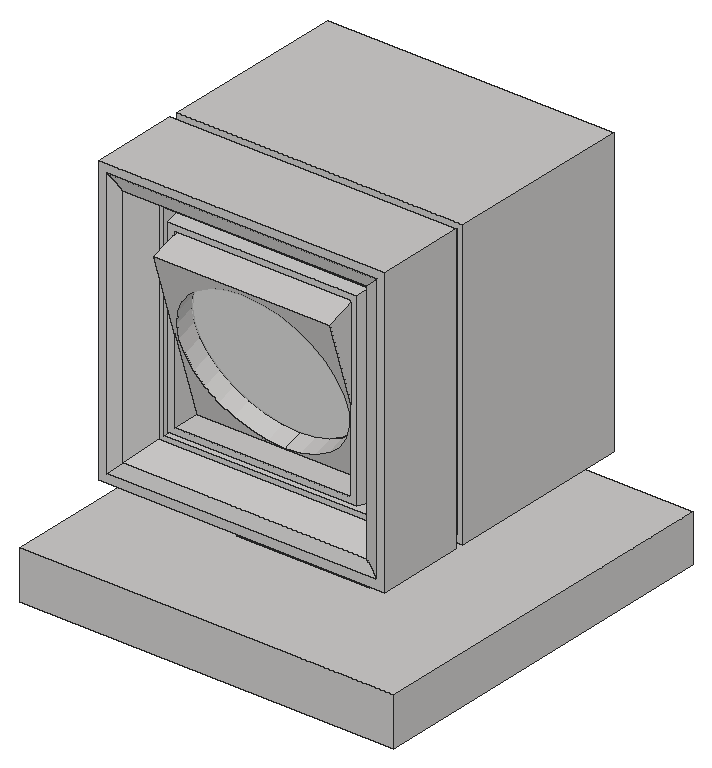
Revit family "Lighting-Luminii-Leto_44_WM_A_SML new", category Lighting Fixtures, host Face, Revit 2020
Family settings
  Host = Face
  Round Connector Dimension = Use Diameter
  Part Type = Normal
  OmniClass Number = 23.80.70.11.14.11
  OmniClass Title = Downlights
  Cut with Voids When Loaded = No
  Light Source = Yes
  Shared = Yes
  Room Calculation Point = No
Parameters (values of type "Leto 44 WM A SML")
  Width = 0' - 5 1/8"  # constant formula
  Wattage Comments = "6.5W"
  Wattage = 6.49954 W
  Warranty URL = "https://www.luminii.com/terms-conditions/"
  built-in parameter 1150110 = 1 (stored number, unit not read)
  Voltage Comments = "120V | 277V | 347V"  # constant formula
  Voltage = 120 V
  Version = "2020 - v1.0a"  # constant formula
  URL = "https://www.luminii.com/"
  built-in parameter 1114217 = 1 (stored number, unit not read)
  Tilt Angle = 0.00°  # constant formula
  built-in parameter 1150109 = 1 (stored number, unit not read)
  built-in parameter 1150134 = (empty or 0)
  built-in parameter 1150113 = 1 (stored number, unit not read)
  Support Phone = "224-699-9545"  # constant formula
  Support Email = "mailto:support@bimsmith.com"
  Product Page URL = "https://www.luminii.com/product/leto-44-wm-a-sml/"
  Power Source Type = "Driver"  # constant formula
  Power Factor = 1
  Photometric Web File = "713A-A90-618-35-10-DL.ies"
  Phase = 1
  Operating Temperature = "Consult Manufacturer Website for more Information"  # constant formula
  Number of Poles = if(and(or(Voltage = 120 V, Voltage = 277 V), Phase = 1), 1, if(and(or(Voltage = 208 V, Voltage = 240 V), Phase = 1), 2, if(and(or(Voltage = 208 V, Voltage = 240 V), Phase = 3), 3, if(and(Voltage > 300 V, Phase = 1), 2, if(and(Voltage > 400 V, Phase = 3), 3, 1)))))  # 1
  Mounting Method = "Wall Mount"  # constant formula
  Model = "717A"  # constant formula
  Manufacturer Phone Number = "403-216-7043"  # constant formula
  Manufacturer Email = "mailto: info@sensolighting.com"
  Manufacturer Address = "302 50 Ave SE. Calgary, Alberta, T2G 2A9 Canada"  # constant formula
  Manufacturer = "Luminii"  # constant formula
  built-in parameter 1150105 = 55.704 (stored number, unit not read)
  Lumens = 700 lm
  Luminaire Type = "Asymmetrical Wall Mount LED Downlight"  # constant formula
  built-in parameter 1150115 = 1 (stored number, unit not read)
  Load Classification = Lighting
  built-in parameter 1150137 = (empty or 0)
  built-in parameter 1150139 = (empty or 0)
  Lens Material = Plastic - Luminii - Frosted Lens
  Length [instance] = 0' - 3 3/4"  # constant formula
  built-in parameter 1150112 = 1 (stored number, unit not read)
  built-in parameter 1150114 = 1 (stored number, unit not read)
  Lamp Life = 1
  Lamp = "LED"  # constant formula
  Keynote = "26 50 00"
  built-in parameter 1150132 = 2
  built-in parameter 1150102 = (empty or 0)
  built-in parameter 1150107 = 3500 (stored number, unit not read)
  Initial Color Comments = "Perfomance based on 3500K Photometric Web File"  # constant formula
  built-in parameter 1150138 = (empty or 0)
  built-in parameter 1150106 = 0.55704 (stored number, unit not read)
  Housing Protection Rating = "Consult Manufacturer Website for more Information"  # constant formula
  Has Dimming = 1 = 1  # yes
  Has Battery Backup = 0 = 1  # no
  Frequency Comments = ""  # constant formula
  Frequency = 60 Hz
  Finish = Metal - Luminii - Silver Anodized Aluminum
  Environment = "Indoor"  # constant formula
  built-in parameter 1150104 = 10.006 (stored number, unit not read)
  Dimming Type = "Consult Manufacturer Website for more Information"  # constant formula
  Dimming Lamp Color Temperature Shift = <None>
  Description = "Asymmetric Wall Mount LED Downlight"  # constant formula
  Depth = 0' - 3 3/4"  # constant formula
  Default Elevation = 0' - 0"  # constant formula
  Current Amps = 50 A
  Copyright = "©2024 Luminii"  # constant formula
  Control Zone = "Consult Manufacturer Website for more Information"  # constant formula
  Control Type = "Consult Manufacturer Website for more Information"  # constant formula
  Constraints = 1  # constant formula
  Color Filter = 16777215
  built-in parameter 1114216 [instance] = 0  # (empty or 0)
  built-in parameter 1140040 [instance] = 1 = 1  # 1
  CCT = "3500K"
  built-in parameter 1114218 = 1 (stored number, unit not read)
  built-in parameter 1150133 = 10 (stored number, unit not read)
  Assembly Code = "D5020200"
  Apparent Load = Wattage / Power Factor  # 6.49954 VA
Reference planes (in)
  plane 1 "Center (Front/Back)": y = 0
  plane 2: z = 0
  plane 3 "Center (Left/Right)": x = 0
  plane 4: x = 1.875
  plane 5: x = -1.875
  plane 6: y = 1.875
  plane 7: y = -1.875
  plane 8: z = 3.25
  plane 9: z = 5.125
Forms (in)
  Extrusion 1, solid, material "Metal - Luminii - Silver Anodized Aluminum", not visible
    sketch origin (0, 0, 0) x (1, 0, 0) y (0, 1, 0)
      loop
        circle (0, 0) r 0.5
    from 0 to -0.17225
Dimensions and locks (in)
  equal spacing: plane 5, plane 3 "Center (Left/Right)", plane 4
  equal spacing: plane 6, plane 1 "Center (Front/Back)", plane 7
  nested 1 to host face = 0' - 5.11512"
  "Width": host face to plane 9
  "Depth": plane 6 to plane 7
  "Length": plane 4 to plane 5
  aligned and locked: plane 2 to host face
  aligned and locked: plane 3 "Center (Left/Right)" to Extrusion 1 sketch curve
  aligned and locked: plane 1 "Center (Front/Back)" to Extrusion 1 sketch curve
  aligned and locked: plane 2 to Extrusion 1  (x2)
  aligned and locked: imposter light to plane 3 "Center (Left/Right)"
  aligned and locked: imposter light to plane 8
Automatic sketch dimensions
  host sketch curve to host sketch curve = 8' - 0"  (x2)
  radius of Extrusion 1 sketch curve = 0' - 0 1/2"
Nested families (in)
  nested 1: "Nested - Lamp" at (0, 0, 0), type "Nested - Lamp"
Connectors (in)
  electrical at (0, 0, 0), driven by "Number of Poles", driven by "Load Classification", driven by "Voltage", driven by "Apparent Load", driven by "Power Factor"
    settings: on Extrusion 1, index 1, voltage 120 V, apparent load 6.49954 VA, apparent load phase1 0 VA, apparent load phase2 0 VA, apparent load phase3 0 VA, power factor 1, load classification "Lighting", number of poles 1, system type 30, power factor state 1, is connector primary yes, connector utility no, sub classification motor no, connector description "Power Connection"
Definition of nested family "Nested - Lamp"
  Parameters (values of type "Nested - Lamp")
    Width = 0' - 5.57087"  # constant formula
    Screen Material = none
    Inner Screen = none
    Height = 0' - 6.49606"  # constant formula
    Finish = none
    Default Elevation = 4' - 0"
    Constraint = 3
  Reference planes (in)
    plane 1 "Center (Front/Back)": y = 0
    plane 2: z = 0
    plane 3 "Center (Left/Right)": x = 0
  Forms (in)
    Extrusion 1, solid
      sketch origin (0, 0, 0) x (1, 0, 0) y (0, 1, 0)
        loop
          line (-48, 48) -> (-48, -48) -> (48, -48) -> (48, 48) -> (-48, 48)
      from 0 to -12
    Sweep 2, solid, material <- "Finish", detail levels medium+fine
      path origin (-0.03362, -2.16535, 5.57575) x (0, 0, 1) y (-1, 0, 0)
        loop
          line (-0.46063, -1.9037) -> (-0.46063, 1.83645) -> (-4.20079, 1.83645) -> (-4.20079, -1.9037) -> (-0.46063, -1.9037)
      profile origin (1.87008, -2.16535, 3.24504) x (0, -1, 0) y (1, 0, 0)
        loop
          line (-4.03543, 0) -> (-4.03543, -0.07874) -> (-3.83858, -0.07874) -> (-3.83858, -0.21654) -> (-1.42927, -0.21654) -> (-1.42927, -0.72029) -> (-0.63386, -0.72029) -> (-0.63386, -0.63719) -> (-0.89567, -0.60039)
          arc (-0.89567, -0.60039) -> (-0.91935, -0.57657) -> (-0.90017, -0.54899) r 0.02623
          line (-0.90017, -0.54899) -> (-0.68898, -0.53051) -> (-0.68898, -0.47327) -> (-0.34652, -0.27656) -> (-0.29528, -0.10635) -> (-0.29528, 0) -> (-1.45669, 0) -> (-1.45669, -0.07874) -> (-1.5748, -0.07874) -> (-1.5748, 0) -> (-4.03543, 0)
    Extrusion 3, solid, material <- "Screen Material"
      sketch origin (0, -2.20112, 4.05981) x (1, 0, 0) y (0, -0.309017, 0.951057)
        loop
          circle (0, -1.08071) r 1.10236
      from -0.63122 to -0.62137
    Extrusion 4, solid, material <- "Finish"
      sketch origin (1.59205, -1.84938, 5.84808) x (0, 0.309017, -0.951057) y (1, 0, 0)
        loop
          line (3.82255, -0.44226) -> (1.52297, -0.44226) -> (1.52297, -2.74184) -> (3.82255, -2.74184) -> (3.82255, -0.44226)
        loop
          circle (2.67276, -1.59205) r 1.10236
      from -0.12232 to 0.51772
    Extrusion 5, solid, material <- "Finish"
      sketch origin (1.59205, -3.29031, 5.3799) x (0, 0.309017, -0.951057) y (1, 0, 0)
        loop
          circle (2.67276, -1.59205) r 1.10236
      from -1.25917 to -1.79277
    Extrusion 6, solid, material <- "Finish", detail levels medium+fine
      sketch origin (-0.03362, -4.01036, 5.1127) x (0, 0, 1) y (-1, 0, 0)
        loop
          line (-0.07632, -1.82496) -> (-0.07632, 1.75771) -> (-3.659, 1.75771) -> (-3.659, -1.82496) -> (-0.07632, -1.82496)
        loop
          line (-1.27711, -0.30922) -> (-0.68656, -0.30922)
          arc (-0.68656, -0.30922) -> (-0.41097, -0.03362) -> (-0.68656, 0.24197) r 0.27559
          line (-0.68656, 0.24197) -> (-1.27711, 0.24197)
          arc (-1.27711, 0.24197) -> (-1.49982, 0.33422) -> (-1.59207, 0.55693) r 0.31496
          line (-1.59207, 0.55693) -> (-1.59207, 1.14748)
          arc (-1.59207, 1.14748) -> (-1.86766, 1.42307) -> (-2.14325, 1.14748) r 0.27559
          line (-2.14325, 1.14748) -> (-2.14325, 0.55693)
          arc (-2.14325, 0.55693) -> (-2.2355, 0.33422) -> (-2.45821, 0.24197) r 0.31496
          line (-2.45821, 0.24197) -> (-3.04876, 0.24197)
          arc (-3.04876, 0.24197) -> (-3.32435, -0.03362) -> (-3.04876, -0.30922) r 0.27559
          line (-3.04876, -0.30922) -> (-2.45821, -0.30922)
          arc (-2.45821, -0.30922) -> (-2.2355, -0.40147) -> (-2.14325, -0.62418) r 0.31496
          line (-2.14325, -0.62418) -> (-2.14325, -1.21473)
          arc (-2.14325, -1.21473) -> (-1.86766, -1.49032) -> (-1.59207, -1.21473) r 0.27559
          line (-1.59207, -1.21473) -> (-1.59207, -0.62418)
          arc (-1.59207, -0.62418) -> (-1.49982, -0.40147) -> (-1.27711, -0.30922) r 0.31496
      from -5.75828 to -5.68358
    Extrusion 7, solid, material <- "Finish", detail levels medium+fine
      sketch origin (-0.03362, -3.90362, 5.1127) x (0, 0, 1) y (-1, 0, 0)
        loop
          line (-0.07632, -1.82496) -> (-0.07632, 1.75771) -> (-3.659, 1.75771) -> (-3.659, -1.82496) -> (-0.07632, -1.82496)
        loop
          circle (-1.86766, -0.03362) r 0.87104
        loop
          circle (-1.86766, -0.03362) r 0.71409
      from -5.36862 to -5.30882
    Sweep 8, solid, material <- "Finish", detail levels coarse
      path origin (-0.03362, -2.16535, 5.57575) x (0, 0, 1) y (-1, 0, 0)
        loop
          line (-0.46063, -1.9037) -> (-0.46063, 1.83645) -> (-4.20079, 1.83645) -> (-4.20079, -1.9037) -> (-0.46063, -1.9037)
      profile origin (1.87008, -2.16535, 3.24504) x (0, -1, 0) y (1, 0, 0)
        loop
          line (-4.03543, 0) -> (-4.03543, -0.07874) -> (-3.83858, -0.07874) -> (-3.83858, -0.21654) -> (-1.21274, -0.21654) -> (-1.21274, -0.72029) -> (-0.63386, -0.72029) -> (-0.63386, -0.44161) -> (-0.34652, -0.27656) -> (-0.29528, -0.10635) -> (-0.29528, 0) -> (-4.03543, 0)
    Extrusion 9, solid, material <- "Finish"
      sketch origin (-0.03362, 1.25, 6.49606) x (0, 1, 0) y (-1, 0, 0)
        loop
          line (1.19094, 2.40732) -> (-3.69094, 2.40732) -> (-3.69094, -2.47457) -> (1.19094, -2.47457) -> (1.19094, 2.40732)
      from -6.49606 to -5.86614
    Extrusion 10, solid, material <- "Finish"
      sketch origin (-0.03362, 1.25, 6.49606) x (0, 1, 0) y (-1, 0, 0)
        loop
          line (-0.38386, -0.89977) -> (-0.38386, 0.83252) -> (-2.11614, 0.83252) -> (-2.11614, -0.89977) -> (-0.38386, -0.89977)
      from -5.11614 to -5.86614
    Extrusion 11, solid, material <- "Finish", detail levels coarse
      sketch origin (-0.03362, -4.01036, 5.1127) x (0, 0, 1) y (-1, 0, 0)
        loop
          line (-0.07632, -1.82496) -> (-0.07632, 1.75771) -> (-3.659, 1.75771) -> (-3.659, -1.82496) -> (-0.07632, -1.82496)
      from -5.75828 to -5.68358
  Lines and regions (in)
    reference lines
      curve 1: line (0, 1.87008, 3.24504) -> (0, -3.24803, 3.24504)
      curve 2: line (0, -1.21148, 3.24504) -> (0, -1.21148, 5.11512)
  Dimensions and locks (in)
    aligned and locked: plane 2 to Extrusion 1
    aligned and locked: level to Extrusion 1
